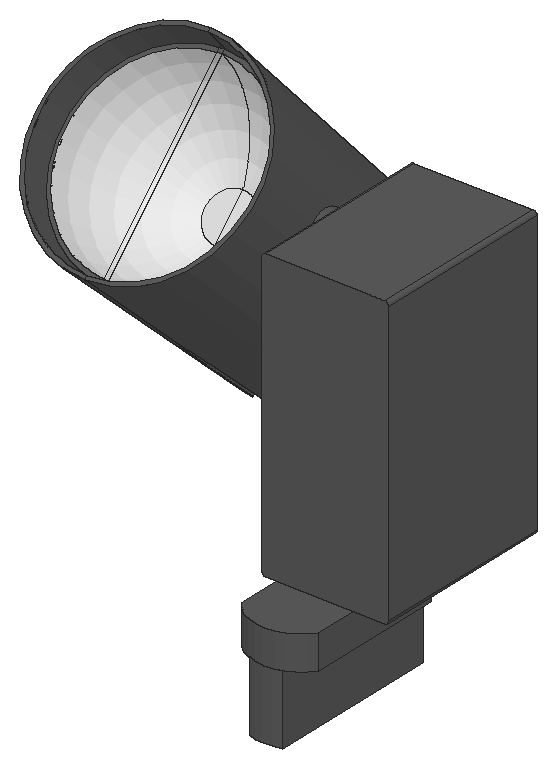
Revit family "0004942 Feilo Sylvania Lighting Fixture START TRACK SPOT S DALI 1928LM 930 WB BLK", category Lighting Fixtures, host Face, Revit 2017
Family settings
  Host = Face
  Round Connector Dimension = Use Diameter
  Part Type = Normal
  OmniClass Number = 23.80.70.00
  OmniClass Title = Lighting
  Cut with Voids When Loaded = No
  Light Source = No
  Shared = No
  Room Calculation Point = No
Parameters (values of type "0004942 START TRACK SPOT S DALI 1928LM 930 WB BLK")
  Weight = "0.966 kg"
  Wattage Comments = ""
  WarrantyStartDate [instance] = "n/a"
  WarrantyGuarantorParts = "n/a"
  WarrantyDurationUnit = "n/a"
  WarrantyDurationParts = "n/a"
  WarrantyDescription = "n/a"
  Voltage = 230 V
  URL = "http://www.sylvania-lighting.com/"
  TypeName = "START TRACK SPOT S DALI 1928LM 930 WB BLK"
  TypeHead_FEILO = Start Track Spot Head : 0004888 START TRACK SPOT S 24W 3K RA90 WB BLACK
  TypeBox_FEILO = Start Track Spot Box : Type Small Black
  Type Image = <None>
  Type Comments = "n/a"
  VerticalRotation_FEILO [instance] = 0.00°
  SlideEndAngle_FEILO [instance] = VerticalRotation_FEILO + 180.00°  # 180.00°
  SerialNumber [instance] = "n/a"
  Material_3_FEILO = none
  PowerFactor = 0.95
  PowerConsumption = "24 W"
  NominalLength = 0 mm
  NominalHeight = 200 mm
  NominalDepth = 140 mm
  Name = "START TRACK SPOT S DALI 1928LM 930 WB BLK"
  ModelReference = Name  # "START TRACK SPOT S DALI 1928LM 930 WB BLK"
  ModelNumber = "0004942"
  Model = Name  # "START TRACK SPOT S DALI 1928LM 930 WB BLK"
  Material = "adc12 aluminium housing, polycarbonate diffuser"
  ManufacturerName = "Feilo Sylvania"
  Manufacturer = "Feilo Sylvania"
  LuminousEfficacy = "80 lm/W"
  LuminaireType = ""
  LightOutputRatio = "100"
  LampsType = Lamp  # "LED"
  LampNominalLuminous = "1928 lm"
  LampMacAdamStep = "3"
  LampColourTemperature = "3000 K"
  LampColourRenderingIndex = "90"
  Lamp = "LED"
  Keynote = "16500"
  InstallationDate [instance] = "n/a"
  InputVoltage = "230-240V~"
  InputNominalFrequency = "50/60 Hz"
  IngressProtection = "IP20"
  ImpactProtectionIndex = "IK02"
  IfcExportType = "IfcLightFixtureType"
  IfcExportAs = "IfcLightFixtureType"
  HorizontalRotation_FEILO [instance] = 45.00°
  ExpectedLife = 50000
  ElectricShockClassification = "Class II"
  DurationUnit = "hours"
  DocumentationLiterature = "http://www.sylvania-lighting.com/product/en-int/products/0004888"
  DimmingControlOptions = "Dimmable"
  Material_2_FEILO = none
  Description = "Integrated LED spotlight, Textured Black - RAL9005, compact and minimalist design, ideal for retail applications, die-cast aluminium body, passive cooling heatsink. Beam angle: 64°, color temperature: 3000K , total system power: 24W, total fixture output: 1928 lm, LOR: 100%, colour rendering: Ra: 90 typical, LED Chromaticity: 3 step MacAdam ellipse, lifetime: >50000 hours at L70B50, energy class: A++, A+, A, IR/UV free light source without heat radiation, operating voltage: 220-240V / 50-60Hz, drive current: 600mA, electronic driver, non-dimmable, power factor: 0.95, electrical protection: Class II, Global Track 3 Phase adapter suitable for Global trac 3-circuit tracks, ingress protection rating: IP20, suitable for internal environment only, horizontal rotation: 355°, vertical tilt: 90°, dimensions: Ø86x140x200, weight: 0.966kg."
  Default Elevation = 1219.2 mm
  CreatedOn = "04/26/2018"
  CreatedBy = ""
  Cost = 0
  built-in parameter 1114216 [instance] = (empty or 0)
  ClassificationValue = "EF_70_80"
  ClassificationName = "Uniclass2015"
  Material_1_FEILO = Body-Sylvania-StartTrackSpot-Black
  BarCode [instance] = "n/a"
  AssetType = "Fixed"
  AssetIdentifier [instance] = "n/a"
  Assembly Code = "D5020200"
  Apparent Load = 24 VA
  Material_4_FEILO = none
Reference planes
  plane 1 "Center (Front/Back)": y = 0
  plane 2: z = 0
  plane 3 "Center (Left/Right)": x = 0
  plane 4: x = 15
  plane 5: x = -15
  plane 6: y = 35
  plane 7: y = -35
  plane 8: z = 13
  plane 9: z = -27
  plane 10: x = 6.5
  plane 11: x = -6.5
  plane 12: y = 27
  plane 13: y = -27
  plane 14: y = 20
Forms (mm)
  Extrusion 1, solid, material "Body-Sylvania-StartTrackSpot-Black" <- "Material_1_FEILO"
    sketch origin (0, 0, 0) x (1, 0, 0) y (0, 1, 0)
      loop
        line (-15, 27) -> (-15, -27)
        arc (-15, -27) -> (0, -35) -> (15, -27) r 18.062
        line (15, -27) -> (15, 27)
        arc (15, 27) -> (0, 35) -> (-15, 27) r 18.062
    from 0 to 13
  Extrusion 2, solid, material "Body-Sylvania-StartTrackSpot-Black" <- "Material_1_FEILO"
    sketch origin (0, 0, 0) x (1, 0, 0) y (0, 1, 0)
      loop
        arc (6.5, 33.79) -> (0, 35) -> (-6.5, 33.79) r 18.062
        line (-6.5, 33.79) -> (-6.5, -33.79)
        arc (-6.5, -33.79) -> (0, -35) -> (6.5, -33.79) r 18.062
        line (6.5, -33.79) -> (6.5, 33.79)
    from 0 to -27
  Revolve 3, solid, not visible
    sketch origin (1524, 20, 1219.2) x (1, 0, 0) y (0, 0, 1)
      loop
        line (-1524, -1206.2) -> (-1524, -1191.285) -> (-1530.5, -1191.285) -> (-1530.5, -1206.2) -> (-1524, -1206.2)
      axis (-1524, -1191.285) -> (-1524, -1206.2)
    angle from 0 <- "VerticalRotation_FEILO" to 180 <- "SlideEndAngle_FEILO"
Cuts and joins
  joined: Extrusion 1, Extrusion 2
Dimensions and locks
  equal spacing: plane 10, plane 3 "Center (Left/Right)", plane 11
  equal spacing: plane 4, plane 3 "Center (Left/Right)", plane 5
  locked: plane 8 to plane 2 at 13
  locked: plane 8 to plane 9 at 40
  equal spacing: plane 13, plane 1 "Center (Front/Back)", plane 12
  locked: plane 12 to plane 6 at 8
  locked: plane 14 to plane 6 at 15
  locked: Revolve 3 sketch curve to plane 8 at 14.915
  aligned and locked: plane 2 to host face
  aligned and locked: level to host face
  aligned and locked: plane 5 to Extrusion 1 sketch curve  (x2)
  aligned and locked: plane 12 to Extrusion 1 sketch curve
  aligned and locked: plane 13 to Extrusion 1 sketch curve
  aligned and locked: plane 4 to Extrusion 1 sketch curve
  aligned and locked: Extrusion 1 to plane 8
  aligned and locked: Extrusion 1 to level
  aligned and locked: Extrusion 2 sketch curve to Extrusion 1  (x2)
  aligned and locked: Extrusion 2 sketch curve to plane 11
  aligned and locked: plane 10 to Extrusion 2 sketch curve
  aligned and locked: plane 9 to Extrusion 2
  aligned and locked: level to Extrusion 2
  aligned and locked: Revolve 3 sketch curve to plane 3 "Center (Left/Right)"  (x2)
  aligned and locked: plane 11 to Revolve 3 sketch curve
  aligned and locked: Revolve 3 sketch curve to plane 8
Automatic sketch dimensions
  host sketch curve to host sketch curve = 2438.4 mm  (x2)
  Extrusion 1 sketch curve to plane 3 "Center (Left/Right)" = 0 mm  (x2)
  Extrusion 1 sketch curve to plane 13 = 10.062 mm
  plane 12 to Extrusion 1 sketch curve = 10.062 mm
  Revolve 3 sketch curve to plane 3 "Center (Left/Right)" = 0 mm
  plane 9 to Revolve 3 sketch curve = 582.6 mm
  Revolve 3 sketch curve to Revolve 3 sketch curve = 2581.144 mm
Nested families
  nested 1: "Start Track Spot Head" at (-62, 20, 112.529) x (0, 0.7071, 0.7071) z (0, 0.7071, -0.7071), type <- "TypeHead_FEILO", type "0004888 START TRACK SPOT S 24W 3K RA90 WB BLACK"
    with built-in parameter 1114216 (empty or 0)
  nested 2: "Start Track Spot Box" at (8.5, 20, 73) x (-1, 0, 0) z (0, -1, 0), BoxStartAngle_FEILO <- "HorizontalRotation_FEILO", type <- "TypeBox_FEILO", type "Type Small Black"
    with BoxStartAngle_FEILO 45.00°, BoxEndAngle_FEILO -135.00°
Connectors
  electrical at (0, 0, 0), driven by "Apparent Load", driven by "PowerFactor", driven by "Voltage"
    settings: index 1, voltage 230 V, apparent load 24 VA, apparent load phase1 0 VA, apparent load phase2 0 VA, apparent load phase3 0 VA, power factor 0.95, load classification "Lighting", number of poles 1, system type 30, power factor state 1, is connector primary yes, connector utility no, sub classification motor no, connector description ""
Definition of nested family "Start Track Spot Head"
  Parameters (values of type "0004811 START TRACK SPOT S 14W 3K RA80 NB WHITE")
    Wattage Comments = "n/a"
    Wattage = 14 W
    built-in parameter 1150110 = 1 (stored number, unit not read)
    URL = "http://www.feilosylvania.com"
    Type Image = (empty or 0)
    Type Comments = "n/a"
    built-in parameter 1114217 = 1 (stored number, unit not read)
    Tilt Angle = -90.00°
    built-in parameter 1150109 = 1 (stored number, unit not read)
    built-in parameter 1150134 = (empty or 0)
    built-in parameter 1150113 = 1 (stored number, unit not read)
    Photometric Web File = "0004811.ies"
    Material_3_FEILO = none
    Model = "START TRACK SPOT S 14W 3K RA80 NB WHITE"
    Manufacturer = "Feilo Sylvania"
    built-in parameter 1150105 = 123.66 (stored number, unit not read)
    Lumens = 1554 lm
    built-in parameter 1150115 = 1 (stored number, unit not read)
    built-in parameter 1150137 = (empty or 0)
    built-in parameter 1150139 = (empty or 0)
    built-in parameter 1150112 = 1 (stored number, unit not read)
    built-in parameter 1150114 = 1 (stored number, unit not read)
    Lamp = "LED"
    Keynote = "16500"
    Material_2_FEILO = none
    built-in parameter 1150132 = (empty or 0)
    built-in parameter 1150102 = (empty or 0)
    built-in parameter 1150107 = 3000 (stored number, unit not read)
    built-in parameter 1150138 = (empty or 0)
    built-in parameter 1150106 = 1.2366 (stored number, unit not read)
    HeadThickness_FEILO = if(HeadDiaOut_FEILO > 112 mm, 2 mm, 1.5 mm)  # 1.5 mm
    HeadRibOffset_FEILO = HeadHeight_FEILO / 28  # 4.179 mm
    HeadRibDepth_FEILO = HeadHeight_FEILO / 2.1  # 55.714 mm
    HeadRibCutWidth_FEILO = HeadDiaOut_FEILO / 12  # 7.167 mm
    HeadRibCutOffset_FEILO = HeadHeight_FEILO / 2.3  # 50.87 mm
    HeadReflectorRadius_FEILO = HeadDiaOut_FEILO / 1.7  # 50.588 mm
    HeadReflectorOffset_FEILO = HeadHeight_FEILO / 2.1  # 55.714 mm
    HeadLEDRadius_FEILO = HeadDiaOut_FEILO / 9  # 9.556 mm
    HeadHeight_FEILO = 117 mm
    HeadDraft_FEILO = 1 mm
    HeadDiffusorThickness_FEILO = 3 mm
    HeadDiffusorOffset_FEILO = HeadHeight_FEILO / 12.4  # 9.435 mm
    HeadDiaOut_FEILO = 86 mm
    HeadDiaIn_FEILO = HeadDiaOut_FEILO / 1.11  # 77.477 mm
    HeadAxisFromTop_FEILO = HeadHeight_FEILO / 1.687  # 69.354 mm
    Emit from Circle Diameter = HeadDiaIn_FEILO  # 77.477 mm
    Emit Shape Visible in Rendering = no
    built-in parameter 1150104 = 10.312 (stored number, unit not read)
    Dimming Lamp Color Temperature Shift = (empty or 0)
    Description = "Integrated LED spotlight, Textured White - RAL9016, compact and minimalist design, ideal for retail applications, die-cast aluminium body, passive cooling heatsink. Beam angle: 12°, color temperature: 3000K , total system power: 14W, total fixture output: 1551 lm, LOR: 100%, colour rendering: Ra: 80 typical, LED Chromaticity: 3 step MacAdam ellipse, lifetime: >50000 hours at L70B50, energy class: A++, A+, A, IR/UV free light source without heat radiation, operating voltage: 220-240V / 50-60Hz, drive current: 350mA, electronic driver, non-dimmable, power factor: 0.92, electrical protection: Class II, Global Track 3 Phase adapter suitable for Global trac 3-circuit tracks, ingress protection rating: IP20, suitable for internal environment only, horizontal rotation: 355°, vertical tilt: 90°, dimensions: Ø86x140x200, weight: 0.940kg."
    Default Elevation = 1219.2 mm
    Cost = 0
    Color Filter = 16777215
    built-in parameter 1114216 [instance] = (empty or 0)
    Material_1_FEILO = none
    built-in parameter 1114218 = 1 (stored number, unit not read)
    built-in parameter 1150133 = 10 (stored number, unit not read)
    Assembly Code = "D5020200"
    Apparent Load = 14 VA
    Material_4_FEILO = none
  Types (96, lengths in mm): name | Wattage | built-in parameter 1150134 | Photometric Web File | Model | built-in parameter 1150105 | Lumens | built-in parameter 1150107 | built-in parameter 1150106 | HeadThickness_FEILO | HeadRibOffset_FEILO | HeadRibDepth_FEILO | HeadRibCutWidth_FEILO | HeadRibCutOffset_FEILO | HeadReflectorRadius_FEILO | HeadReflectorOffset_FEILO | HeadLEDRadius_FEILO | HeadHeight_FEILO | HeadDiffusorOffset_FEILO | HeadDiaOut_FEILO | HeadDiaIn_FEILO | HeadAxisFromTop_FEILO | Emit from Circle Diameter | built-in parameter 1150104 | Description | Apparent Load
    0004906 START TRACK SPOT L 55W 4K RA90 WB BLACK | 55 W | 12 | "0004906.ies" | "START TRACK SPOT L 55W 4K RA90 WB BLACK" | 385.15 (stored number, unit not read) | 4840 lm | 4000 (stored number, unit not read) | 3.8515 (stored number, unit not read) | 2 | 4.429 | 59.048 | 9.417 | 53.913 | 66.471 | 59.048 | 12.556 | 124 | 10 | 113 | 101.802 | 73.503 | 101.802 | 8.1755 (stored number, unit not read) | "Integrated LED spotlight, Textured Black - RAL9005, compact and minimalist design, ideal for retail applications, die-cast aluminium body, passive cooling heatsink. Beam angle: 52°, color temperature: 4000K , total system power: 55W, total fixture output: 4824 lm, LOR: 100%, colour rendering: Ra: 90 typical, LED Chromaticity: 3 step MacAdam ellipse, lifetime: >50000 hours at L70B50, energy class: A++, A+, A, IR/UV free light source without heat radiation, operating voltage: 220-240V / 50-60Hz, drive current: 1400mA, electronic driver, non-dimmable, power factor: 0.96, electrical protection: Class II, Global Track 3 Phase adapter suitable for Global trac 3-circuit tracks, ingress protection rating: IP20, suitable for internal environment only, horizontal rotation: 355°, vertical tilt: 90°, dimensions: Ø113x164x240, weight: 1.398kg." | 55 VA
    0004905 START TRACK SPOT L 55W 4K RA90 MB BLACK | 55 W | 12 | "0004905.ies" | "START TRACK SPOT L 55W 4K RA90 MB BLACK" | 389.53 (stored number, unit not read) | 4895 lm | 4000 (stored number, unit not read) | 3.8953 (stored number, unit not read) | 2 | 4.429 | 59.048 | 9.417 | 53.913 | 66.471 | 59.048 | 12.556 | 124 | 10 | 113 | 101.802 | 73.503 | 101.802 | 8.2684 (stored number, unit not read) | "Integrated LED spotlight, Textured Black - RAL9005, compact and minimalist design, ideal for retail applications, die-cast aluminium body, passive cooling heatsink. Beam angle: 38°, color temperature: 4000K , total system power: 55W, total fixture output: 4897 lm, LOR: 100%, colour rendering: Ra: 90 typical, LED Chromaticity: 3 step MacAdam ellipse, lifetime: >50000 hours at L70B50, energy class: A++, A+, A, IR/UV free light source without heat radiation, operating voltage: 220-240V / 50-60Hz, drive current: 1400mA, electronic driver, non-dimmable, power factor: 0.96, electrical protection: Class II, Global Track 3 Phase adapter suitable for Global trac 3-circuit tracks, ingress protection rating: IP20, suitable for internal environment only, horizontal rotation: 355°, vertical tilt: 90°, dimensions: Ø113x164x240, weight: 1.398kg." | 55 VA
    0004904 START TRACK SPOT L 55W 4K RA90 NB BLACK | 55 W | 12 | "0004904.ies" | "START TRACK SPOT L 55W 4K RA90 NB BLACK" | 393.91 (stored number, unit not read) | 4950 lm | 4000 (stored number, unit not read) | 3.9391 (stored number, unit not read) | 2 | 4.429 | 59.048 | 9.417 | 53.913 | 66.471 | 59.048 | 12.556 | 124 | 10 | 113 | 101.802 | 73.503 | 101.802 | 8.3613 (stored number, unit not read) | "Integrated LED spotlight, Textured Black - RAL9005, compact and minimalist design, ideal for retail applications, die-cast aluminium body, passive cooling heatsink. Beam angle: 15°, color temperature: 4000K , total system power: 55W, total fixture output: 4965 lm, LOR: 100%, colour rendering: Ra: 90 typical, LED Chromaticity: 3 step MacAdam ellipse, lifetime: >50000 hours at L70B50, energy class: A++, A+, A, IR/UV free light source without heat radiation, operating voltage: 220-240V / 50-60Hz, drive current: 1400mA, electronic driver, non-dimmable, power factor: 0.96, electrical protection: Class II, Global Track 3 Phase adapter suitable for Global trac 3-circuit tracks, ingress protection rating: IP20, suitable for internal environment only, horizontal rotation: 355°, vertical tilt: 90°, dimensions: Ø113x164x240, weight: 1.398kg." | 55 VA
    0004903 START TRACK SPOT L 35W 4K RA90 WB BLACK | 35 W | 12 | "0004903.ies" | "START TRACK SPOT L 35W 4K RA90 WB BLACK" | 284.09 (stored number, unit not read) | 3570 lm | 4000 (stored number, unit not read) | 2.8409 (stored number, unit not read) | 2 | 4.429 | 59.048 | 9.417 | 53.913 | 66.471 | 59.048 | 12.556 | 124 | 10 | 113 | 101.802 | 73.503 | 101.802 | 9.4761 (stored number, unit not read) | "Integrated LED spotlight, Textured Black - RAL9005, compact and minimalist design, ideal for retail applications, die-cast aluminium body, passive cooling heatsink. Beam angle: 52°, color temperature: 4000K , total system power: 35W, total fixture output: 3562 lm, LOR: 100%, colour rendering: Ra: 90 typical, LED Chromaticity: 3 step MacAdam ellipse, lifetime: >50000 hours at L70B50, energy class: A++, A+, A, IR/UV free light source without heat radiation, operating voltage: 220-240V / 50-60Hz, drive current: 900mA, electronic driver, non-dimmable, power factor: 0.93, electrical protection: Class II, Global Track 3 Phase adapter suitable for Global trac 3-circuit tracks, ingress protection rating: IP20, suitable for internal environment only, horizontal rotation: 355°, vertical tilt: 90°, dimensions: Ø113x164x240, weight: 1.368kg." | 35 VA
    0004902 START TRACK SPOT L 35W 4K RA90 MB BLACK | 35 W | 12 | "0004902.ies" | "START TRACK SPOT L 35W 4K RA90 MB BLACK" | 286.88 (stored number, unit not read) | 3605 lm | 4000 (stored number, unit not read) | 2.8688 (stored number, unit not read) | 2 | 4.429 | 59.048 | 9.417 | 53.913 | 66.471 | 59.048 | 12.556 | 124 | 10 | 113 | 101.802 | 73.503 | 101.802 | 9.569 (stored number, unit not read) | "Integrated LED spotlight, Textured Black - RAL9005, compact and minimalist design, ideal for retail applications, die-cast aluminium body, passive cooling heatsink. Beam angle: 38°, color temperature: 4000K , total system power: 35W, total fixture output: 3616 lm, LOR: 100%, colour rendering: Ra: 90 typical, LED Chromaticity: 3 step MacAdam ellipse, lifetime: >50000 hours at L70B50, energy class: A++, A+, A, IR/UV free light source without heat radiation, operating voltage: 220-240V / 50-60Hz, drive current: 900mA, electronic driver, non-dimmable, power factor: 0.93, electrical protection: Class II, Global Track 3 Phase adapter suitable for Global trac 3-circuit tracks, ingress protection rating: IP20, suitable for internal environment only, horizontal rotation: 355°, vertical tilt: 90°, dimensions: Ø113x164x240, weight: 1.368kg." | 35 VA
    0004901 START TRACK SPOT L 35W 4K RA90 NB BLACK | 35 W | 12 | "0004901.ies" | "START TRACK SPOT L 35W 4K RA90 NB BLACK" | 286.88 (stored number, unit not read) | 3605 lm | 4000 (stored number, unit not read) | 2.8688 (stored number, unit not read) | 2 | 4.429 | 59.048 | 9.417 | 53.913 | 66.471 | 59.048 | 12.556 | 124 | 10 | 113 | 101.802 | 73.503 | 101.802 | 9.569 (stored number, unit not read) | "Integrated LED spotlight, Textured Black - RAL9005, compact and minimalist design, ideal for retail applications, die-cast aluminium body, passive cooling heatsink. Beam angle: 15°, color temperature: 4000K , total system power: 35W, total fixture output: 3593 lm, LOR: 100%, colour rendering: Ra: 90 typical, LED Chromaticity: 3 step MacAdam ellipse, lifetime: >50000 hours at L70B50, energy class: A++, A+, A, IR/UV free light source without heat radiation, operating voltage: 220-240V / 50-60Hz, drive current: 900mA, electronic driver, non-dimmable, power factor: 0.93, electrical protection: Class II, Global Track 3 Phase adapter suitable for Global trac 3-circuit tracks, ingress protection rating: IP20, suitable for internal environment only, horizontal rotation: 355°, vertical tilt: 90°, dimensions: Ø113x164x240, weight: 1.368kg." | 35 VA
    0004900 START TRACK SPOT S 24W 4K RA90 WB BLACK | 24 W | 12 | "0004900.ies" | "START TRACK SPOT S 24W 4K RA90 WB BLACK" | 166.16 (stored number, unit not read) | 2088 lm | 4000 (stored number, unit not read) | 1.6616 (stored number, unit not read) | 1.5 | 4.179 | 55.714 | 7.167 | 50.87 | 50.588 | 55.714 | 9.556 | 117 | 9.435 | 86 | 77.477 | 69.354 | 77.477 | 8.0826 (stored number, unit not read) | "Integrated LED spotlight, Textured Black - RAL9005, compact and minimalist design, ideal for retail applications, die-cast aluminium body, passive cooling heatsink. Beam angle: 64°, color temperature: 4000K , total system power: 24W, total fixture output: 2087 lm, LOR: 100%, colour rendering: Ra: 90 typical, LED Chromaticity: 3 step MacAdam ellipse, lifetime: >50000 hours at L70B50, energy class: A++, A+, A, IR/UV free light source without heat radiation, operating voltage: 220-240V / 50-60Hz, drive current: 600mA, electronic driver, non-dimmable, power factor: 0.95, electrical protection: Class II, Global Track 3 Phase adapter suitable for Global trac 3-circuit tracks, ingress protection rating: IP20, suitable for internal environment only, horizontal rotation: 355°, vertical tilt: 90°, dimensions: Ø86x140x200, weight: 0.966kg." | 24 VA
    0004899 START TRACK SPOT S 24W 4K RA90 MB BLACK | 24 W | 12 | "0004899.ies" | "START TRACK SPOT S 24W 4K RA90 MB BLACK" | 169.98 (stored number, unit not read) | 2136 lm | 4000 (stored number, unit not read) | 1.6998 (stored number, unit not read) | 1.5 | 4.179 | 55.714 | 7.167 | 50.87 | 50.588 | 55.714 | 9.556 | 117 | 9.435 | 86 | 77.477 | 69.354 | 77.477 | 8.2684 (stored number, unit not read) | "Integrated LED spotlight, Textured Black - RAL9005, compact and minimalist design, ideal for retail applications, die-cast aluminium body, passive cooling heatsink. Beam angle: 36°, color temperature: 4000K , total system power: 24W, total fixture output: 2141 lm, LOR: 100%, colour rendering: Ra: 90 typical, LED Chromaticity: 3 step MacAdam ellipse, lifetime: >50000 hours at L70B50, energy class: A++, A+, A, IR/UV free light source without heat radiation, operating voltage: 220-240V / 50-60Hz, drive current: 600mA, electronic driver, non-dimmable, power factor: 0.95, electrical protection: Class II, Global Track 3 Phase adapter suitable for Global trac 3-circuit tracks, ingress protection rating: IP20, suitable for internal environment only, horizontal rotation: 355°, vertical tilt: 90°, dimensions: Ø86x140x200, weight: 0.966kg." | 24 VA
    0004898 START TRACK SPOT S 24W 4K RA90 NB BLACK | 24 W | 12 | "0004898.ies" | "START TRACK SPOT S 24W 4K RA90 NB BLACK" | 171.89 (stored number, unit not read) | 2160 lm | 4000 (stored number, unit not read) | 1.7189 (stored number, unit not read) | 1.5 | 4.179 | 55.714 | 7.167 | 50.87 | 50.588 | 55.714 | 9.556 | 117 | 9.435 | 86 | 77.477 | 69.354 | 77.477 | 8.3613 (stored number, unit not read) | "Integrated LED spotlight, Textured Black - RAL9005, compact and minimalist design, ideal for retail applications, die-cast aluminium body, passive cooling heatsink. Beam angle: 12°, color temperature: 4000K , total system power: 24W, total fixture output: 2155 lm, LOR: 100%, colour rendering: Ra: 90 typical, LED Chromaticity: 3 step MacAdam ellipse, lifetime: >50000 hours at L70B50, energy class: A++, A+, A, IR/UV free light source without heat radiation, operating voltage: 220-240V / 50-60Hz, drive current: 600mA, electronic driver, non-dimmable, power factor: 0.95, electrical protection: Class II, Global Track 3 Phase adapter suitable for Global trac 3-circuit tracks, ingress protection rating: IP20, suitable for internal environment only, horizontal rotation: 355°, vertical tilt: 90°, dimensions: Ø86x140x200, weight: 0.966kg." | 24 VA
    0004897 START TRACK SPOT S 14W 4K RA90 WB BLACK | 14 W | 12 | "0004897.ies" | "START TRACK SPOT S 14W 4K RA90 WB BLACK" | 108.07 (stored number, unit not read) | 1358 lm | 4000 (stored number, unit not read) | 1.0807 (stored number, unit not read) | 1.5 | 4.179 | 55.714 | 7.167 | 50.87 | 50.588 | 55.714 | 9.556 | 117 | 9.435 | 86 | 77.477 | 69.354 | 77.477 | 9.0116 (stored number, unit not read) | "Integrated LED spotlight, Textured Black - RAL9005, compact and minimalist design, ideal for retail applications, die-cast aluminium body, passive cooling heatsink. Beam angle: 64°, color temperature: 4000K , total system power: 14W, total fixture output: 1352 lm, LOR: 100%, colour rendering: Ra: 90 typical, LED Chromaticity: 3 step MacAdam ellipse, lifetime: >50000 hours at L70B50, energy class: A++, A+, A, IR/UV free light source without heat radiation, operating voltage: 220-240V / 50-60Hz, drive current: 350mA, electronic driver, non-dimmable, power factor: 0.92, electrical protection: Class II, Global Track 3 Phase adapter suitable for Global trac 3-circuit tracks, ingress protection rating: IP20, suitable for internal environment only, horizontal rotation: 355°, vertical tilt: 90°, dimensions: Ø86x140x200, weight: 0.940kg." | 14 VA
    0004896 START TRACK SPOT S 14W 4K RA90 MB BLACK | 14 W | 12 | "0004896.ies" | "START TRACK SPOT S 14W 4K RA90 MB BLACK" | 108.07 (stored number, unit not read) | 1358 lm | 4000 (stored number, unit not read) | 1.0807 (stored number, unit not read) | 1.5 | 4.179 | 55.714 | 7.167 | 50.87 | 50.588 | 55.714 | 9.556 | 117 | 9.435 | 86 | 77.477 | 69.354 | 77.477 | 9.0116 (stored number, unit not read) | "Integrated LED spotlight, Textured Black - RAL9005, compact and minimalist design, ideal for retail applications, die-cast aluminium body, passive cooling heatsink. Beam angle: 36°, color temperature: 4000K , total system power: 14W, total fixture output: 1359 lm, LOR: 100%, colour rendering: Ra: 90 typical, LED Chromaticity: 3 step MacAdam ellipse, lifetime: >50000 hours at L70B50, energy class: A++, A+, A, IR/UV free light source without heat radiation, operating voltage: 220-240V / 50-60Hz, drive current: 350mA, electronic driver, non-dimmable, power factor: 0.92, electrical protection: Class II, Global Track 3 Phase adapter suitable for Global trac 3-circuit tracks, ingress protection rating: IP20, suitable for internal environment only, horizontal rotation: 355°, vertical tilt: 90°, dimensions: Ø86x140x200, weight: 0.940kg." | 14 VA
    0004895 START TRACK SPOT S 14W 4K RA90 NB BLACK | 14 W | 12 | "0004895.ies" | "START TRACK SPOT S 14W 4K RA90 NB BLACK" | 106.95 (stored number, unit not read) | 1344 lm | 4000 (stored number, unit not read) | 1.0695 (stored number, unit not read) | 1.5 | 4.179 | 55.714 | 7.167 | 50.87 | 50.588 | 55.714 | 9.556 | 117 | 9.435 | 86 | 77.477 | 69.354 | 77.477 | 8.9187 (stored number, unit not read) | "Integrated LED spotlight, Textured Black - RAL9005, compact and minimalist design, ideal for retail applications, die-cast aluminium body, passive cooling heatsink. Beam angle: 12°, color temperature: 4000K , total system power: 14W, total fixture output: 1349 lm, LOR: 100%, colour rendering: Ra: 90 typical, LED Chromaticity: 3 step MacAdam ellipse, lifetime: >50000 hours at L70B50, energy class: A++, A+, A, IR/UV free light source without heat radiation, operating voltage: 220-240V / 50-60Hz, drive current: 350mA, electronic driver, non-dimmable, power factor: 0.92, electrical protection: Class II, Global Track 3 Phase adapter suitable for Global trac 3-circuit tracks, ingress protection rating: IP20, suitable for internal environment only, horizontal rotation: 355°, vertical tilt: 90°, dimensions: Ø86x140x200, weight: 0.940kg." | 14 VA
    0004894 START TRACK SPOT L 55W 3K RA90 WB BLACK | 55 W | (empty or 0) | "0004894.ies" | "START TRACK SPOT L 55W 3K RA90 WB BLACK" | 350.14 (stored number, unit not read) | 4400 lm | 3000 (stored number, unit not read) | 3.5014 (stored number, unit not read) | 2 | 4.429 | 59.048 | 9.417 | 53.913 | 66.471 | 59.048 | 12.556 | 124 | 10 | 113 | 101.802 | 73.503 | 101.802 | 7.4322 (stored number, unit not read) | "Integrated LED spotlight, Textured Black - RAL9005, compact and minimalist design, ideal for retail applications, die-cast aluminium body, passive cooling heatsink. Beam angle: 52°, color temperature: 3000K , total system power: 55W, total fixture output: 4405 lm, LOR: 100%, colour rendering: Ra: 90 typical, LED Chromaticity: 3 step MacAdam ellipse, lifetime: >50000 hours at L70B50, energy class: A++, A+, A, IR/UV free light source without heat radiation, operating voltage: 220-240V / 50-60Hz, drive current: 1400mA, electronic driver, non-dimmable, power factor: 0.96, electrical protection: Class II, Global Track 3 Phase adapter suitable for Global trac 3-circuit tracks, ingress protection rating: IP20, suitable for internal environment only, horizontal rotation: 355°, vertical tilt: 90°, dimensions: Ø113x164x240, weight: 1.398kg." | 55 VA
    0004893 START TRACK SPOT L 55W 3K RA90 MB BLACK | 55 W | (empty or 0) | "0004893.ies" | "START TRACK SPOT L 55W 3K RA90 MB BLACK" | 354.52 (stored number, unit not read) | 4455 lm | 3000 (stored number, unit not read) | 3.5452 (stored number, unit not read) | 2 | 4.429 | 59.048 | 9.417 | 53.913 | 66.471 | 59.048 | 12.556 | 124 | 10 | 113 | 101.802 | 73.503 | 101.802 | 7.5251 (stored number, unit not read) | "Integrated LED spotlight, Textured Black - RAL9005, compact and minimalist design, ideal for retail applications, die-cast aluminium body, passive cooling heatsink. Beam angle: 38°, color temperature: 3000K , total system power: 55W, total fixture output: 4448 lm, LOR: 100%, colour rendering: Ra: 90 typical, LED Chromaticity: 3 step MacAdam ellipse, lifetime: >50000 hours at L70B50, energy class: A++, A+, A, IR/UV free light source without heat radiation, operating voltage: 220-240V / 50-60Hz, drive current: 1400mA, electronic driver, non-dimmable, power factor: 0.96, electrical protection: Class II, Global Track 3 Phase adapter suitable for Global trac 3-circuit tracks, ingress protection rating: IP20, suitable for internal environment only, horizontal rotation: 355°, vertical tilt: 90°, dimensions: Ø113x164x240, weight: 1.398kg." | 55 VA
    0004892 START TRACK SPOT L 55W 3K RA90 NB BLACK | 55 W | (empty or 0) | "0004892.ies" | "START TRACK SPOT L 55W 3K RA90 NB BLACK" | 350.14 (stored number, unit not read) | 4400 lm | 3000 (stored number, unit not read) | 3.5014 (stored number, unit not read) | 2 | 4.429 | 59.048 | 9.417 | 53.913 | 66.471 | 59.048 | 12.556 | 124 | 10 | 113 | 101.802 | 73.503 | 101.802 | 7.4322 (stored number, unit not read) | "Integrated LED spotlight, Textured Black - RAL9005, compact and minimalist design, ideal for retail applications, die-cast aluminium body, passive cooling heatsink. Beam angle: 15°, color temperature: 3000K , total system power: 55W, total fixture output: 4416 lm, LOR: 100%, colour rendering: Ra: 90 typical, LED Chromaticity: 3 step MacAdam ellipse, lifetime: >50000 hours at L70B50, energy class: A++, A+, A, IR/UV free light source without heat radiation, operating voltage: 220-240V / 50-60Hz, drive current: 1400mA, electronic driver, non-dimmable, power factor: 0.96, electrical protection: Class II, Global Track 3 Phase adapter suitable for Global trac 3-circuit tracks, ingress protection rating: IP20, suitable for internal environment only, horizontal rotation: 355°, vertical tilt: 90°, dimensions: Ø113x164x240, weight: 1.398kg." | 55 VA
    0004891 START TRACK SPOT L 35W 3K RA90 WB BLACK | 35 W | (empty or 0) | "0004891.ies" | "START TRACK SPOT L 35W 3K RA90 WB BLACK" | 259.02 (stored number, unit not read) | 3255 lm | 3000 (stored number, unit not read) | 2.5902 (stored number, unit not read) | 2 | 4.429 | 59.048 | 9.417 | 53.913 | 66.471 | 59.048 | 12.556 | 124 | 10 | 113 | 101.802 | 73.503 | 101.802 | 8.64 (stored number, unit not read) | "Integrated LED spotlight, Textured Black - RAL9005, compact and minimalist design, ideal for retail applications, die-cast aluminium body, passive cooling heatsink. Beam angle: 52°, color temperature: 3000K , total system power: 35W, total fixture output: 3260 lm, LOR: 100%, colour rendering: Ra: 90 typical, LED Chromaticity: 3 step MacAdam ellipse, lifetime: >50000 hours at L70B50, energy class: A++, A+, A, IR/UV free light source without heat radiation, operating voltage: 220-240V / 50-60Hz, drive current: 900mA, electronic driver, non-dimmable, power factor: 0.93, electrical protection: Class II, Global Track 3 Phase adapter suitable for Global trac 3-circuit tracks, ingress protection rating: IP20, suitable for internal environment only, horizontal rotation: 355°, vertical tilt: 90°, dimensions: Ø113x164x240, weight: 1.368kg." | 35 VA
    0004890 START TRACK SPOT L 35W 3K RA90 MB BLACK | 35 W | (empty or 0) | "0004890.ies" | "START TRACK SPOT L 35W 3K RA90 MB BLACK" | 261.81 (stored number, unit not read) | 3290 lm | 3000 (stored number, unit not read) | 2.6181 (stored number, unit not read) | 2 | 4.429 | 59.048 | 9.417 | 53.913 | 66.471 | 59.048 | 12.556 | 124 | 10 | 113 | 101.802 | 73.503 | 101.802 | 8.7329 (stored number, unit not read) | "Integrated LED spotlight, Textured Black - RAL9005, compact and minimalist design, ideal for retail applications, die-cast aluminium body, passive cooling heatsink. Beam angle: 38°, color temperature: 3000K , total system power: 35W, total fixture output: 3306 lm, LOR: 100%, colour rendering: Ra: 90 typical, LED Chromaticity: 3 step MacAdam ellipse, lifetime: >50000 hours at L70B50, energy class: A++, A+, A, IR/UV free light source without heat radiation, operating voltage: 220-240V / 50-60Hz, drive current: 900mA, electronic driver, non-dimmable, power factor: 0.93, electrical protection: Class II, Global Track 3 Phase adapter suitable for Global trac 3-circuit tracks, ingress protection rating: IP20, suitable for internal environment only, horizontal rotation: 355°, vertical tilt: 90°, dimensions: Ø113x164x240, weight: 1.368kg." | 35 VA
    0004889 START TRACK SPOT L 35W 3K RA90 NB BLACK | 35 W | (empty or 0) | "0004889.ies" | "START TRACK SPOT L 35W 3K RA90 NB BLACK" | 261.81 (stored number, unit not read) | 3290 lm | 3000 (stored number, unit not read) | 2.6181 (stored number, unit not read) | 2 | 4.429 | 59.048 | 9.417 | 53.913 | 66.471 | 59.048 | 12.556 | 124 | 10 | 113 | 101.802 | 73.503 | 101.802 | 8.7329 (stored number, unit not read) | "Integrated LED spotlight, Textured Black - RAL9005, compact and minimalist design, ideal for retail applications, die-cast aluminium body, passive cooling heatsink. Beam angle: 15°, color temperature: 3000K , total system power: 35W, total fixture output: 3287 lm, LOR: 100%, colour rendering: Ra: 90 typical, LED Chromaticity: 3 step MacAdam ellipse, lifetime: >50000 hours at L70B50, energy class: A++, A+, A, IR/UV free light source without heat radiation, operating voltage: 220-240V / 50-60Hz, drive current: 900mA, electronic driver, non-dimmable, power factor: 0.93, electrical protection: Class II, Global Track 3 Phase adapter suitable for Global trac 3-circuit tracks, ingress protection rating: IP20, suitable for internal environment only, horizontal rotation: 355°, vertical tilt: 90°, dimensions: Ø113x164x240, weight: 1.368kg." | 35 VA
    0004888 START TRACK SPOT S 24W 3K RA90 WB BLACK | 24 W | (empty or 0) | "0004888.ies" | "START TRACK SPOT S 24W 3K RA90 WB BLACK" | 152.79 (stored number, unit not read) | 1920 lm | 3000 (stored number, unit not read) | 1.5279 (stored number, unit not read) | 1.5 | 4.179 | 55.714 | 7.167 | 50.87 | 50.588 | 55.714 | 9.556 | 117 | 9.435 | 86 | 77.477 | 69.354 | 77.477 | 7.4322 (stored number, unit not read) | "Integrated LED spotlight, Textured Black - RAL9005, compact and minimalist design, ideal for retail applications, die-cast aluminium body, passive cooling heatsink. Beam angle: 64°, color temperature: 3000K , total system power: 24W, total fixture output: 1928 lm, LOR: 100%, colour rendering: Ra: 90 typical, LED Chromaticity: 3 step MacAdam ellipse, lifetime: >50000 hours at L70B50, energy class: A++, A+, A, IR/UV free light source without heat radiation, operating voltage: 220-240V / 50-60Hz, drive current: 600mA, electronic driver, non-dimmable, power factor: 0.95, electrical protection: Class II, Global Track 3 Phase adapter suitable for Global trac 3-circuit tracks, ingress protection rating: IP20, suitable for internal environment only, horizontal rotation: 355°, vertical tilt: 90°, dimensions: Ø86x140x200, weight: 0.966kg." | 24 VA
    0004887 START TRACK SPOT S 24W 3K RA90 MB BLACK | 24 W | (empty or 0) | "0004887.ies" | "START TRACK SPOT S 24W 3K RA90 MB BLACK" | 154.7 (stored number, unit not read) | 1944 lm | 3000 (stored number, unit not read) | 1.547 (stored number, unit not read) | 1.5 | 4.179 | 55.714 | 7.167 | 50.87 | 50.588 | 55.714 | 9.556 | 117 | 9.435 | 86 | 77.477 | 69.354 | 77.477 | 7.5251 (stored number, unit not read) | "Integrated LED spotlight, Textured Black - RAL9005, compact and minimalist design, ideal for retail applications, die-cast aluminium body, passive cooling heatsink. Beam angle: 36°, color temperature: 3000K , total system power: 24W, total fixture output: 1944 lm, LOR: 100%, colour rendering: Ra: 90 typical, LED Chromaticity: 3 step MacAdam ellipse, lifetime: >50000 hours at L70B50, energy class: A++, A+, A, IR/UV free light source without heat radiation, operating voltage: 220-240V / 50-60Hz, drive current: 600mA, electronic driver, non-dimmable, power factor: 0.95, electrical protection: Class II, Global Track 3 Phase adapter suitable for Global trac 3-circuit tracks, ingress protection rating: IP20, suitable for internal environment only, horizontal rotation: 355°, vertical tilt: 90°, dimensions: Ø86x140x200, weight: 0.966kg." | 24 VA
    0004886 START TRACK SPOT S 24W 3K RA90 NB BLACK | 24 W | (empty or 0) | "0004886.ies" | "START TRACK SPOT S 24W 3K RA90 NB BLACK" | 158.52 (stored number, unit not read) | 1992 lm | 3000 (stored number, unit not read) | 1.5852 (stored number, unit not read) | 1.5 | 4.179 | 55.714 | 7.167 | 50.87 | 50.588 | 55.714 | 9.556 | 117 | 9.435 | 86 | 77.477 | 69.354 | 77.477 | 7.711 (stored number, unit not read) | "Integrated LED spotlight, Textured Black - RAL9005, compact and minimalist design, ideal for retail applications, die-cast aluminium body, passive cooling heatsink. Beam angle: 12°, color temperature: 3000K , total system power: 24W, total fixture output: 1987 lm, LOR: 100%, colour rendering: Ra: 90 typical, LED Chromaticity: 3 step MacAdam ellipse, lifetime: >50000 hours at L70B50, energy class: A++, A+, A, IR/UV free light source without heat radiation, operating voltage: 220-240V / 50-60Hz, drive current: 600mA, electronic driver, non-dimmable, power factor: 0.95, electrical protection: Class II, Global Track 3 Phase adapter suitable for Global trac 3-circuit tracks, ingress protection rating: IP20, suitable for internal environment only, horizontal rotation: 355°, vertical tilt: 90°, dimensions: Ø86x140x200, weight: 0.966kg." | 24 VA
    0004885 START TRACK SPOT S 14W 3K RA90 WB BLACK | 14 W | (empty or 0) | "0004885.ies" | "START TRACK SPOT S 14W 3K RA90 WB BLACK" | 100.27 (stored number, unit not read) | 1260 lm | 3000 (stored number, unit not read) | 1.0027 (stored number, unit not read) | 1.5 | 4.179 | 55.714 | 7.167 | 50.87 | 50.588 | 55.714 | 9.556 | 117 | 9.435 | 86 | 77.477 | 69.354 | 77.477 | 8.3613 (stored number, unit not read) | "Integrated LED spotlight, Textured Black - RAL9005, compact and minimalist design, ideal for retail applications, die-cast aluminium body, passive cooling heatsink. Beam angle: 64°, color temperature: 3000K , total system power: 14W, total fixture output: 1262 lm, LOR: 100%, colour rendering: Ra: 90 typical, LED Chromaticity: 3 step MacAdam ellipse, lifetime: >50000 hours at L70B50, energy class: A++, A+, A, IR/UV free light source without heat radiation, operating voltage: 220-240V / 50-60Hz, drive current: 350mA, electronic driver, non-dimmable, power factor: 0.92, electrical protection: Class II, Global Track 3 Phase adapter suitable for Global trac 3-circuit tracks, ingress protection rating: IP20, suitable for internal environment only, horizontal rotation: 355°, vertical tilt: 90°, dimensions: Ø86x140x200, weight: 0.940kg." | 14 VA
    0004884 START TRACK SPOT S 14W 3K RA90 MB BLACK | 14 W | (empty or 0) | "0004884.ies" | "START TRACK SPOT S 14W 3K RA90 MB BLACK" | 100.27 (stored number, unit not read) | 1260 lm | 3000 (stored number, unit not read) | 1.0027 (stored number, unit not read) | 1.5 | 4.179 | 55.714 | 7.167 | 50.87 | 50.588 | 55.714 | 9.556 | 117 | 9.435 | 86 | 77.477 | 69.354 | 77.477 | 8.3613 (stored number, unit not read) | "Integrated LED spotlight, Textured Black - RAL9005, compact and minimalist design, ideal for retail applications, die-cast aluminium body, passive cooling heatsink. Beam angle: 36°, color temperature: 3000K , total system power: 14W, total fixture output: 1262 lm, LOR: 100%, colour rendering: Ra: 90 typical, LED Chromaticity: 3 step MacAdam ellipse, lifetime: >50000 hours at L70B50, energy class: A++, A+, A, IR/UV free light source without heat radiation, operating voltage: 220-240V / 50-60Hz, drive current: 350mA, electronic driver, non-dimmable, power factor: 0.92, electrical protection: Class II, Global Track 3 Phase adapter suitable for Global trac 3-circuit tracks, ingress protection rating: IP20, suitable for internal environment only, horizontal rotation: 355°, vertical tilt: 90°, dimensions: Ø86x140x200, weight: 0.940kg." | 14 VA
    0004883 START TRACK SPOT S 14W 3K RA90 NB BLACK | 14 W | (empty or 0) | "0004883.ies" | "START TRACK SPOT S 14W 3K RA90 NB BLACK" | 102.5 (stored number, unit not read) | 1288 lm | 3000 (stored number, unit not read) | 1.025 (stored number, unit not read) | 1.5 | 4.179 | 55.714 | 7.167 | 50.87 | 50.588 | 55.714 | 9.556 | 117 | 9.435 | 86 | 77.477 | 69.354 | 77.477 | 8.5471 (stored number, unit not read) | "Integrated LED spotlight, Textured Black - RAL9005, compact and minimalist design, ideal for retail applications, die-cast aluminium body, passive cooling heatsink. Beam angle: 12°, color temperature: 3000K , total system power: 14W, total fixture output: 1284 lm, LOR: 100%, colour rendering: Ra: 90 typical, LED Chromaticity: 3 step MacAdam ellipse, lifetime: >50000 hours at L70B50, energy class: A++, A+, A, IR/UV free light source without heat radiation, operating voltage: 220-240V / 50-60Hz, drive current: 350mA, electronic driver, non-dimmable, power factor: 0.92, electrical protection: Class II, Global Track 3 Phase adapter suitable for Global trac 3-circuit tracks, ingress protection rating: IP20, suitable for internal environment only, horizontal rotation: 355°, vertical tilt: 90°, dimensions: Ø86x140x200, weight: 0.940kg." | 14 VA
    0004882 START TRACK SPOT L 55W 4K RA90 WB WHITE | 55 W | 12 | "0004882.ies" | "START TRACK SPOT L 55W 4K RA90 WB WHITE" | 385.15 (stored number, unit not read) | 4840 lm | 4000 (stored number, unit not read) | 3.8515 (stored number, unit not read) | 2 | 4.429 | 59.048 | 9.417 | 53.913 | 66.471 | 59.048 | 12.556 | 124 | 10 | 113 | 101.802 | 73.503 | 101.802 | 8.1755 (stored number, unit not read) | "Integrated LED spotlight, Textured White - RAL9016, compact and minimalist design, ideal for retail applications, die-cast aluminium body, passive cooling heatsink. Beam angle: 52°, color temperature: 4000K , total system power: 55W, total fixture output: 4824 lm, LOR: 100%, colour rendering: Ra: 90 typical, LED Chromaticity: 3 step MacAdam ellipse, lifetime: >50000 hours at L70B50, energy class: A++, A+, A, IR/UV free light source without heat radiation, operating voltage: 220-240V / 50-60Hz, drive current: 1400mA, electronic driver, non-dimmable, power factor: 0.96, electrical protection: Class II, Global Track 3 Phase adapter suitable for Global trac 3-circuit tracks, ingress protection rating: IP20, suitable for internal environment only, horizontal rotation: 355°, vertical tilt: 90°, dimensions: Ø113x164x240, weight: 1.398kg." | 55 VA
    0004881 START TRACK SPOT L 55W 4K RA90 MB WHITE | 55 W | 12 | "0004881.ies" | "START TRACK SPOT L 55W 4K RA90 MB WHITE" | 389.53 (stored number, unit not read) | 4895 lm | 4000 (stored number, unit not read) | 3.8953 (stored number, unit not read) | 2 | 4.429 | 59.048 | 9.417 | 53.913 | 66.471 | 59.048 | 12.556 | 124 | 10 | 113 | 101.802 | 73.503 | 101.802 | 8.2684 (stored number, unit not read) | "Integrated LED spotlight, Textured White - RAL9016, compact and minimalist design, ideal for retail applications, die-cast aluminium body, passive cooling heatsink. Beam angle: 38°, color temperature: 4000K , total system power: 55W, total fixture output: 4897 lm, LOR: 100%, colour rendering: Ra: 90 typical, LED Chromaticity: 3 step MacAdam ellipse, lifetime: >50000 hours at L70B50, energy class: A++, A+, A, IR/UV free light source without heat radiation, operating voltage: 220-240V / 50-60Hz, drive current: 1400mA, electronic driver, non-dimmable, power factor: 0.96, electrical protection: Class II, Global Track 3 Phase adapter suitable for Global trac 3-circuit tracks, ingress protection rating: IP20, suitable for internal environment only, horizontal rotation: 355°, vertical tilt: 90°, dimensions: Ø113x164x240, weight: 1.398kg." | 55 VA
    0004880 START TRACK SPOT L 55W 4K RA90 NB WHITE | 55 W | 12 | "0004880.ies" | "START TRACK SPOT L 55W 4K RA90 NB WHITE" | 393.91 (stored number, unit not read) | 4950 lm | 4000 (stored number, unit not read) | 3.9391 (stored number, unit not read) | 2 | 4.429 | 59.048 | 9.417 | 53.913 | 66.471 | 59.048 | 12.556 | 124 | 10 | 113 | 101.802 | 73.503 | 101.802 | 8.3613 (stored number, unit not read) | "Integrated LED spotlight, Textured White - RAL9016, compact and minimalist design, ideal for retail applications, die-cast aluminium body, passive cooling heatsink. Beam angle: 15°, color temperature: 4000K , total system power: 55W, total fixture output: 4965 lm, LOR: 100%, colour rendering: Ra: 90 typical, LED Chromaticity: 3 step MacAdam ellipse, lifetime: >50000 hours at L70B50, energy class: A++, A+, A, IR/UV free light source without heat radiation, operating voltage: 220-240V / 50-60Hz, drive current: 1400mA, electronic driver, non-dimmable, power factor: 0.96, electrical protection: Class II, Global Track 3 Phase adapter suitable for Global trac 3-circuit tracks, ingress protection rating: IP20, suitable for internal environment only, horizontal rotation: 355°, vertical tilt: 90°, dimensions: Ø113x164x240, weight: 1.398kg." | 55 VA
    0004879 START TRACK SPOT L 35W 4K RA90 WB WHITE | 35 W | 12 | "0004879.ies" | "START TRACK SPOT L 35W 4K RA90 WB WHITE" | 284.09 (stored number, unit not read) | 3570 lm | 4000 (stored number, unit not read) | 2.8409 (stored number, unit not read) | 2 | 4.429 | 59.048 | 9.417 | 53.913 | 66.471 | 59.048 | 12.556 | 124 | 10 | 113 | 101.802 | 73.503 | 101.802 | 9.4761 (stored number, unit not read) | "Integrated LED spotlight, Textured White - RAL9016, compact and minimalist design, ideal for retail applications, die-cast aluminium body, passive cooling heatsink. Beam angle: 52°, color temperature: 4000K , total system power: 35W, total fixture output: 3562 lm, LOR: 100%, colour rendering: Ra: 90 typical, LED Chromaticity: 3 step MacAdam ellipse, lifetime: >50000 hours at L70B50, energy class: A++, A+, A, IR/UV free light source without heat radiation, operating voltage: 220-240V / 50-60Hz, drive current: 900mA, electronic driver, non-dimmable, power factor: 0.93, electrical protection: Class II, Global Track 3 Phase adapter suitable for Global trac 3-circuit tracks, ingress protection rating: IP20, suitable for internal environment only, horizontal rotation: 355°, vertical tilt: 90°, dimensions: Ø113x164x240, weight: 1.368kg." | 35 VA
    0004878 START TRACK SPOT L 35W 4K RA90 MB WHITE | 35 W | 12 | "0004878.ies" | "START TRACK SPOT L 35W 4K RA90 MB WHITE" | 286.88 (stored number, unit not read) | 3605 lm | 4000 (stored number, unit not read) | 2.8688 (stored number, unit not read) | 2 | 4.429 | 59.048 | 9.417 | 53.913 | 66.471 | 59.048 | 12.556 | 124 | 10 | 113 | 101.802 | 73.503 | 101.802 | 9.569 (stored number, unit not read) | "Integrated LED spotlight, Textured White - RAL9016, compact and minimalist design, ideal for retail applications, die-cast aluminium body, passive cooling heatsink. Beam angle: 38°, color temperature: 4000K , total system power: 35W, total fixture output: 3616 lm, LOR: 100%, colour rendering: Ra: 90 typical, LED Chromaticity: 3 step MacAdam ellipse, lifetime: >50000 hours at L70B50, energy class: A++, A+, A, IR/UV free light source without heat radiation, operating voltage: 220-240V / 50-60Hz, drive current: 900mA, electronic driver, non-dimmable, power factor: 0.93, electrical protection: Class II, Global Track 3 Phase adapter suitable for Global trac 3-circuit tracks, ingress protection rating: IP20, suitable for internal environment only, horizontal rotation: 355°, vertical tilt: 90°, dimensions: Ø113x164x240, weight: 1.368kg." | 35 VA
    0004877 START TRACK SPOT L 35W 4K RA90 NB WHITE | 35 W | 12 | "0004877.ies" | "START TRACK SPOT L 35W 4K RA90 NB WHITE" | 286.88 (stored number, unit not read) | 3605 lm | 4000 (stored number, unit not read) | 2.8688 (stored number, unit not read) | 2 | 4.429 | 59.048 | 9.417 | 53.913 | 66.471 | 59.048 | 12.556 | 124 | 10 | 113 | 101.802 | 73.503 | 101.802 | 9.569 (stored number, unit not read) | "Integrated LED spotlight, Textured White - RAL9016, compact and minimalist design, ideal for retail applications, die-cast aluminium body, passive cooling heatsink. Beam angle: 15°, color temperature: 4000K , total system power: 35W, total fixture output: 3593 lm, LOR: 100%, colour rendering: Ra: 90 typical, LED Chromaticity: 3 step MacAdam ellipse, lifetime: >50000 hours at L70B50, energy class: A++, A+, A, IR/UV free light source without heat radiation, operating voltage: 220-240V / 50-60Hz, drive current: 900mA, electronic driver, non-dimmable, power factor: 0.93, electrical protection: Class II, Global Track 3 Phase adapter suitable for Global trac 3-circuit tracks, ingress protection rating: IP20, suitable for internal environment only, horizontal rotation: 355°, vertical tilt: 90°, dimensions: Ø113x164x240, weight: 1.368kg." | 35 VA
    0004876 START TRACK SPOT S 24W 4K RA90 WB WHITE | 24 W | 12 | "0004876.ies" | "START TRACK SPOT S 24W 4K RA90 WB WHITE" | 166.16 (stored number, unit not read) | 2088 lm | 4000 (stored number, unit not read) | 1.6616 (stored number, unit not read) | 1.5 | 4.179 | 55.714 | 7.167 | 50.87 | 50.588 | 55.714 | 9.556 | 117 | 9.435 | 86 | 77.477 | 69.354 | 77.477 | 8.0826 (stored number, unit not read) | "Integrated LED spotlight, Textured White - RAL9016, compact and minimalist design, ideal for retail applications, die-cast aluminium body, passive cooling heatsink. Beam angle: 64°, color temperature: 4000K , total system power: 24W, total fixture output: 2087 lm, LOR: 100%, colour rendering: Ra: 90 typical, LED Chromaticity: 3 step MacAdam ellipse, lifetime: >50000 hours at L70B50, energy class: A++, A+, A, IR/UV free light source without heat radiation, operating voltage: 220-240V / 50-60Hz, drive current: 600mA, electronic driver, non-dimmable, power factor: 0.95, electrical protection: Class II, Global Track 3 Phase adapter suitable for Global trac 3-circuit tracks, ingress protection rating: IP20, suitable for internal environment only, horizontal rotation: 355°, vertical tilt: 90°, dimensions: Ø86x140x200, weight: 0.966kg." | 24 VA
    0004875 START TRACK SPOT S 24W 4K RA90 MB WHITE | 24 W | 12 | "0004875.ies" | "START TRACK SPOT S 24W 4K RA90 MB WHITE" | 169.98 (stored number, unit not read) | 2136 lm | 4000 (stored number, unit not read) | 1.6998 (stored number, unit not read) | 1.5 | 4.179 | 55.714 | 7.167 | 50.87 | 50.588 | 55.714 | 9.556 | 117 | 9.435 | 86 | 77.477 | 69.354 | 77.477 | 8.2684 (stored number, unit not read) | "Integrated LED spotlight, Textured White - RAL9016, compact and minimalist design, ideal for retail applications, die-cast aluminium body, passive cooling heatsink. Beam angle: 36°, color temperature: 4000K , total system power: 24W, total fixture output: 2141 lm, LOR: 100%, colour rendering: Ra: 90 typical, LED Chromaticity: 3 step MacAdam ellipse, lifetime: >50000 hours at L70B50, energy class: A++, A+, A, IR/UV free light source without heat radiation, operating voltage: 220-240V / 50-60Hz, drive current: 600mA, electronic driver, non-dimmable, power factor: 0.95, electrical protection: Class II, Global Track 3 Phase adapter suitable for Global trac 3-circuit tracks, ingress protection rating: IP20, suitable for internal environment only, horizontal rotation: 355°, vertical tilt: 90°, dimensions: Ø86x140x200, weight: 0.966kg." | 24 VA
    0004874 START TRACK SPOT S 24W 4K RA90 NB WHITE | 24 W | 12 | "0004874.ies" | "START TRACK SPOT S 24W 4K RA90 NB WHITE" | 171.89 (stored number, unit not read) | 2160 lm | 4000 (stored number, unit not read) | 1.7189 (stored number, unit not read) | 1.5 | 4.179 | 55.714 | 7.167 | 50.87 | 50.588 | 55.714 | 9.556 | 117 | 9.435 | 86 | 77.477 | 69.354 | 77.477 | 8.3613 (stored number, unit not read) | "Integrated LED spotlight, Textured White - RAL9016, compact and minimalist design, ideal for retail applications, die-cast aluminium body, passive cooling heatsink. Beam angle: 12°, color temperature: 4000K , total system power: 24W, total fixture output: 2155 lm, LOR: 100%, colour rendering: Ra: 90 typical, LED Chromaticity: 3 step MacAdam ellipse, lifetime: >50000 hours at L70B50, energy class: A++, A+, A, IR/UV free light source without heat radiation, operating voltage: 220-240V / 50-60Hz, drive current: 600mA, electronic driver, non-dimmable, power factor: 0.95, electrical protection: Class II, Global Track 3 Phase adapter suitable for Global trac 3-circuit tracks, ingress protection rating: IP20, suitable for internal environment only, horizontal rotation: 355°, vertical tilt: 90°, dimensions: Ø86x140x200, weight: 0.966kg." | 24 VA
    0004873 START TRACK SPOT S 14W 4K RA90 WB WHITE | 14 W | 12 | "0004873.ies" | "START TRACK SPOT S 14W 4K RA90 WB WHITE" | 108.07 (stored number, unit not read) | 1358 lm | 4000 (stored number, unit not read) | 1.0807 (stored number, unit not read) | 1.5 | 4.179 | 55.714 | 7.167 | 50.87 | 50.588 | 55.714 | 9.556 | 117 | 9.435 | 86 | 77.477 | 69.354 | 77.477 | 9.0116 (stored number, unit not read) | "Integrated LED spotlight, Textured White - RAL9016, compact and minimalist design, ideal for retail applications, die-cast aluminium body, passive cooling heatsink. Beam angle: 64°, color temperature: 4000K , total system power: 14W, total fixture output: 1352 lm, LOR: 100%, colour rendering: Ra: 90 typical, LED Chromaticity: 3 step MacAdam ellipse, lifetime: >50000 hours at L70B50, energy class: A++, A+, A, IR/UV free light source without heat radiation, operating voltage: 220-240V / 50-60Hz, drive current: 350mA, electronic driver, non-dimmable, power factor: 0.92, electrical protection: Class II, Global Track 3 Phase adapter suitable for Global trac 3-circuit tracks, ingress protection rating: IP20, suitable for internal environment only, horizontal rotation: 355°, vertical tilt: 90°, dimensions: Ø86x140x200, weight: 0.940kg." | 14 VA
    0004872 START TRACK SPOT S 14W 4K RA90 MB WHITE | 14 W | 12 | "0004872.ies" | "START TRACK SPOT S 14W 4K RA90 MB WHITE" | 108.07 (stored number, unit not read) | 1358 lm | 4000 (stored number, unit not read) | 1.0807 (stored number, unit not read) | 1.5 | 4.179 | 55.714 | 7.167 | 50.87 | 50.588 | 55.714 | 9.556 | 117 | 9.435 | 86 | 77.477 | 69.354 | 77.477 | 9.0116 (stored number, unit not read) | "Integrated LED spotlight, Textured White - RAL9016, compact and minimalist design, ideal for retail applications, die-cast aluminium body, passive cooling heatsink. Beam angle: 36°, color temperature: 4000K , total system power: 14W, total fixture output: 1359 lm, LOR: 100%, colour rendering: Ra: 90 typical, LED Chromaticity: 3 step MacAdam ellipse, lifetime: >50000 hours at L70B50, energy class: A++, A+, A, IR/UV free light source without heat radiation, operating voltage: 220-240V / 50-60Hz, drive current: 350mA, electronic driver, non-dimmable, power factor: 0.92, electrical protection: Class II, Global Track 3 Phase adapter suitable for Global trac 3-circuit tracks, ingress protection rating: IP20, suitable for internal environment only, horizontal rotation: 355°, vertical tilt: 90°, dimensions: Ø86x140x200, weight: 0.940kg." | 14 VA
    0004871 START TRACK SPOT S 14W 4K RA90 NB WHITE | 14 W | 12 | "0004871.ies" | "START TRACK SPOT S 14W 4K RA90 NB WHITE" | 106.95 (stored number, unit not read) | 1344 lm | 4000 (stored number, unit not read) | 1.0695 (stored number, unit not read) | 1.5 | 4.179 | 55.714 | 7.167 | 50.87 | 50.588 | 55.714 | 9.556 | 117 | 9.435 | 86 | 77.477 | 69.354 | 77.477 | 8.9187 (stored number, unit not read) | "Integrated LED spotlight, Textured White - RAL9016, compact and minimalist design, ideal for retail applications, die-cast aluminium body, passive cooling heatsink. Beam angle: 12°, color temperature: 4000K , total system power: 14W, total fixture output: 1349 lm, LOR: 100%, colour rendering: Ra: 90 typical, LED Chromaticity: 3 step MacAdam ellipse, lifetime: >50000 hours at L70B50, energy class: A++, A+, A, IR/UV free light source without heat radiation, operating voltage: 220-240V / 50-60Hz, drive current: 350mA, electronic driver, non-dimmable, power factor: 0.92, electrical protection: Class II, Global Track 3 Phase adapter suitable for Global trac 3-circuit tracks, ingress protection rating: IP20, suitable for internal environment only, horizontal rotation: 355°, vertical tilt: 90°, dimensions: Ø86x140x200, weight: 0.940kg." | 14 VA
    0004870 START TRACK SPOT L 55W 3K RA90 WB WHITE | 55 W | (empty or 0) | "0004870.ies" | "START TRACK SPOT L 55W 3K RA90 WB WHITE" | 350.14 (stored number, unit not read) | 4400 lm | 3000 (stored number, unit not read) | 3.5014 (stored number, unit not read) | 2 | 4.429 | 59.048 | 9.417 | 53.913 | 66.471 | 59.048 | 12.556 | 124 | 10 | 113 | 101.802 | 73.503 | 101.802 | 7.4322 (stored number, unit not read) | "Integrated LED spotlight, Textured White - RAL9016, compact and minimalist design, ideal for retail applications, die-cast aluminium body, passive cooling heatsink. Beam angle: 52°, color temperature: 3000K , total system power: 55W, total fixture output: 4405 lm, LOR: 100%, colour rendering: Ra: 90 typical, LED Chromaticity: 3 step MacAdam ellipse, lifetime: >50000 hours at L70B50, energy class: A++, A+, A, IR/UV free light source without heat radiation, operating voltage: 220-240V / 50-60Hz, drive current: 1400mA, electronic driver, non-dimmable, power factor: 0.96, electrical protection: Class II, Global Track 3 Phase adapter suitable for Global trac 3-circuit tracks, ingress protection rating: IP20, suitable for internal environment only, horizontal rotation: 355°, vertical tilt: 90°, dimensions: Ø113x164x240, weight: 1.398kg." | 55 VA
    0004869 START TRACK SPOT L 55W 3K RA90 MB WHITE | 55 W | (empty or 0) | "0004869.ies" | "START TRACK SPOT L 55W 3K RA90 MB WHITE" | 354.52 (stored number, unit not read) | 4455 lm | 3000 (stored number, unit not read) | 3.5452 (stored number, unit not read) | 2 | 4.429 | 59.048 | 9.417 | 53.913 | 66.471 | 59.048 | 12.556 | 124 | 10 | 113 | 101.802 | 73.503 | 101.802 | 7.5251 (stored number, unit not read) | "Integrated LED spotlight, Textured White - RAL9016, compact and minimalist design, ideal for retail applications, die-cast aluminium body, passive cooling heatsink. Beam angle: 38°, color temperature: 3000K , total system power: 55W, total fixture output: 4448 lm, LOR: 100%, colour rendering: Ra: 90 typical, LED Chromaticity: 3 step MacAdam ellipse, lifetime: >50000 hours at L70B50, energy class: A++, A+, A, IR/UV free light source without heat radiation, operating voltage: 220-240V / 50-60Hz, drive current: 1400mA, electronic driver, non-dimmable, power factor: 0.96, electrical protection: Class II, Global Track 3 Phase adapter suitable for Global trac 3-circuit tracks, ingress protection rating: IP20, suitable for internal environment only, horizontal rotation: 355°, vertical tilt: 90°, dimensions: Ø113x164x240, weight: 1.398kg." | 55 VA
    0004868 START TRACK SPOT L 55W 3K RA90 NB WHITE | 55 W | (empty or 0) | "0004868.ies" | "START TRACK SPOT L 55W 3K RA90 NB WHITE" | 350.14 (stored number, unit not read) | 4400 lm | 3000 (stored number, unit not read) | 3.5014 (stored number, unit not read) | 2 | 4.429 | 59.048 | 9.417 | 53.913 | 66.471 | 59.048 | 12.556 | 124 | 10 | 113 | 101.802 | 73.503 | 101.802 | 7.4322 (stored number, unit not read) | "Integrated LED spotlight, Textured White - RAL9016, compact and minimalist design, ideal for retail applications, die-cast aluminium body, passive cooling heatsink. Beam angle: 15°, color temperature: 3000K , total system power: 55W, total fixture output: 4416 lm, LOR: 100%, colour rendering: Ra: 90 typical, LED Chromaticity: 3 step MacAdam ellipse, lifetime: >50000 hours at L70B50, energy class: A++, A+, A, IR/UV free light source without heat radiation, operating voltage: 220-240V / 50-60Hz, drive current: 1400mA, electronic driver, non-dimmable, power factor: 0.96, electrical protection: Class II, Global Track 3 Phase adapter suitable for Global trac 3-circuit tracks, ingress protection rating: IP20, suitable for internal environment only, horizontal rotation: 355°, vertical tilt: 90°, dimensions: Ø113x164x240, weight: 1.398kg." | 55 VA
    0004867 START TRACK SPOT L 35W 3K RA90 WB WHITE | 35 W | (empty or 0) | "0004867.ies" | "START TRACK SPOT L 35W 3K RA90 WB WHITE" | 259.02 (stored number, unit not read) | 3255 lm | 3000 (stored number, unit not read) | 2.5902 (stored number, unit not read) | 2 | 4.429 | 59.048 | 9.417 | 53.913 | 66.471 | 59.048 | 12.556 | 124 | 10 | 113 | 101.802 | 73.503 | 101.802 | 8.64 (stored number, unit not read) | "Integrated LED spotlight, Textured White - RAL9016, compact and minimalist design, ideal for retail applications, die-cast aluminium body, passive cooling heatsink. Beam angle: 52°, color temperature: 3000K , total system power: 35W, total fixture output: 3260 lm, LOR: 100%, colour rendering: Ra: 90 typical, LED Chromaticity: 3 step MacAdam ellipse, lifetime: >50000 hours at L70B50, energy class: A++, A+, A, IR/UV free light source without heat radiation, operating voltage: 220-240V / 50-60Hz, drive current: 900mA, electronic driver, non-dimmable, power factor: 0.93, electrical protection: Class II, Global Track 3 Phase adapter suitable for Global trac 3-circuit tracks, ingress protection rating: IP20, suitable for internal environment only, horizontal rotation: 355°, vertical tilt: 90°, dimensions: Ø113x164x240, weight: 1.368kg." | 35 VA
    0004866 START TRACK SPOT L 35W 3K RA90 MB WHITE | 35 W | (empty or 0) | "0004866.ies" | "START TRACK SPOT L 35W 3K RA90 MB WHITE" | 261.81 (stored number, unit not read) | 3290 lm | 3000 (stored number, unit not read) | 2.6181 (stored number, unit not read) | 2 | 4.429 | 59.048 | 9.417 | 53.913 | 66.471 | 59.048 | 12.556 | 124 | 10 | 113 | 101.802 | 73.503 | 101.802 | 8.7329 (stored number, unit not read) | "Integrated LED spotlight, Textured White - RAL9016, compact and minimalist design, ideal for retail applications, die-cast aluminium body, passive cooling heatsink. Beam angle: 38°, color temperature: 3000K , total system power: 35W, total fixture output: 3306 lm, LOR: 100%, colour rendering: Ra: 90 typical, LED Chromaticity: 3 step MacAdam ellipse, lifetime: >50000 hours at L70B50, energy class: A++, A+, A, IR/UV free light source without heat radiation, operating voltage: 220-240V / 50-60Hz, drive current: 900mA, electronic driver, non-dimmable, power factor: 0.93, electrical protection: Class II, Global Track 3 Phase adapter suitable for Global trac 3-circuit tracks, ingress protection rating: IP20, suitable for internal environment only, horizontal rotation: 355°, vertical tilt: 90°, dimensions: Ø113x164x240, weight: 1.368kg." | 35 VA
    0004865 START TRACK SPOT L 35W 3K RA90 NB WHITE | 35 W | (empty or 0) | "0004865.ies" | "START TRACK SPOT L 35W 3K RA90 NB WHITE" | 261.81 (stored number, unit not read) | 3290 lm | 3000 (stored number, unit not read) | 2.6181 (stored number, unit not read) | 2 | 4.429 | 59.048 | 9.417 | 53.913 | 66.471 | 59.048 | 12.556 | 124 | 10 | 113 | 101.802 | 73.503 | 101.802 | 8.7329 (stored number, unit not read) | "Integrated LED spotlight, Textured White - RAL9016, compact and minimalist design, ideal for retail applications, die-cast aluminium body, passive cooling heatsink. Beam angle: 15°, color temperature: 3000K , total system power: 35W, total fixture output: 3287 lm, LOR: 100%, colour rendering: Ra: 90 typical, LED Chromaticity: 3 step MacAdam ellipse, lifetime: >50000 hours at L70B50, energy class: A++, A+, A, IR/UV free light source without heat radiation, operating voltage: 220-240V / 50-60Hz, drive current: 900mA, electronic driver, non-dimmable, power factor: 0.93, electrical protection: Class II, Global Track 3 Phase adapter suitable for Global trac 3-circuit tracks, ingress protection rating: IP20, suitable for internal environment only, horizontal rotation: 355°, vertical tilt: 90°, dimensions: Ø113x164x240, weight: 1.368kg." | 35 VA
